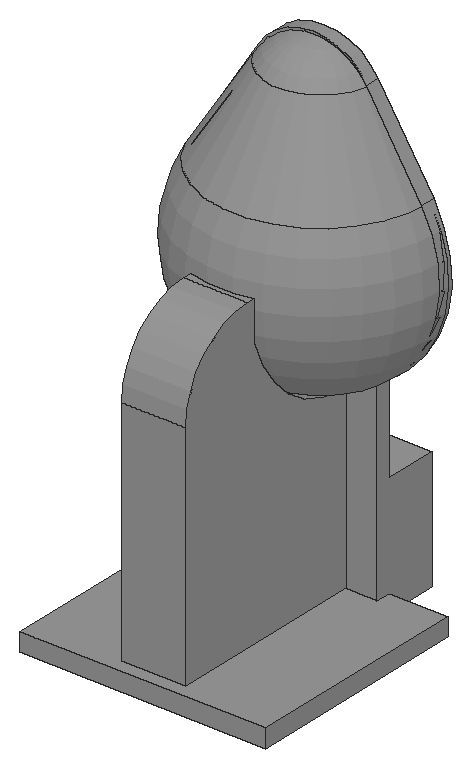
Revit family "Toilet-Willoughby-1490-ETWS-CM-BS", category Plumbing Fixtures, host Face, Revit 2014
Parameters (values of type "Standard")
  Waste DIA = 2 1/2"
  Waste Connection = yes
  W-RAD [instance] = Waste DIA / 2  # 0' - 1 1/4"
  Vent Connection = no
  URL = "www.willoughby-ind.com"
  Type Comments = "Siphon Jet Flush"
  Revision = "A"
  Model = "ETWS-1490-CM-BS"
  Manufacturer = "Willoughby Industries"
  HW Connection = no
  Flush inlet DIA = 1 1/2"
  Flush Inlet Connection = yes
  Fixture Body = Stainless Steel AISI 304-Willoughby
  F-RAD [instance] = Flush inlet DIA / 2  # 0' - 0 3/4"
  Description = "Carrier Mounted Toilet"
  Default Elevation = 0' - 0"
  Contact Number = "(800) 428-4065"
  CW Connection = no
Reference planes (in)
  plane 1 "Base": y = -16.25
  plane 2: z = 0
  plane 3 "Center": x = 18.31072
  plane 4 "Seat HGT": y = -1.25
  plane 5: y = -2.125
  plane 6 "Unit Base Off Floor": y = -13.75
  plane 7 "Flush  HGT": y = 0.5
  plane 8: x = 16.56072
  plane 9: x = 20.06072
  plane 10: x = 11.56072
  plane 11: x = 25.06072
  plane 12: z = 27.75
  plane 13: y = -10.75
Forms (in)
  Extrusion 1, solid, material "Stainless Steel AISI 304-Willoughby" <- "Fixture Body"
    sketch origin (16.08109, 7.47968, -5.1422) x (-1, 0, 0) y (0, 0, -1)
      loop
        line (1.29775, -16.80087) -> (1.29775, -6.1422) -> (-5.72963, -6.1422) -> (-5.72963, -16.81676)
        arc (-5.72963, -16.81676) -> (-8.98136, -21.11843) -> (-8.21015, -26.45542) r 7
        line (-8.21015, -26.45542) -> (-5.16818, -31.31054)
        arc (-5.16818, -31.31054) -> (-2.20225, -32.95225) -> (0.76368, -31.31054) r 3.5
        line (0.76368, -31.31054) -> (3.80565, -26.45542)
        arc (3.80565, -26.45542) -> (4.5729, -21.10311) -> (1.29775, -16.80087) r 7
      loop
        arc (2.03989, -24.70557) -> (-2.20225, -18.23804) -> (-6.44438, -24.70557) r 4.625
        line (-6.44438, -24.70557) -> (-4.04125, -30.23842)
        arc (-4.04125, -30.23842) -> (-2.20225, -31.45225) -> (-0.36324, -30.23842) r 2
        line (-0.36324, -30.23842) -> (2.03989, -24.70557)
    from 8.72968 to 9.5
  Revolve 2, solid, material "Stainless Steel AISI 304-Willoughby" <- "Fixture Body"
    sketch origin (19.37246, -1.52032, -1.93826) x (-1, 0, 0) y (0, 0, -1)
      loop
        line (1.06174, -12.59906) -> (1.06174, -12.84906)
        arc (1.06174, -12.84906) -> (6.96784, -16.33096) -> (6.78077, -23.18447) r 6.75
        line (6.78077, -23.18447) -> (3.81535, -27.91457)
        arc (3.81535, -27.91457) -> (2.63527, -29.03194) -> (1.06174, -29.43826) r 3.25
        line (1.06174, -29.43826) -> (1.06174, -29.68826)
        arc (1.06174, -29.68826) -> (2.75672, -29.25045) -> (4.02767, -28.04656) r 3.5
        line (4.02767, -28.04656) -> (7.06964, -23.19143)
        arc (7.06964, -23.19143) -> (7.15052, -16.14555) -> (1.06174, -12.59906) r 7
      axis (1.06174, -12.59906) -> (1.06174, -29.68826)
    angle from 0 to -180
  Extrusion 3, solid, material "Stainless Steel AISI 304-Willoughby" <- "Fixture Body"
    sketch origin (19.53334, -3.02032, -2.9508) x (0, 1, 0) y (0, 0, 1)
      loop
        line (-5.27082, 3.9508) -> (1, 3.9508) -> (1, 13.76086)
        arc (1, 13.76086) -> (-2.93256, 15.26109) -> (-5.27082, 18.76086) r 6.92744
        line (-5.27082, 18.76086) -> (-5.27082, 3.9508)
    from 0.52738 to -2.97262
  Extrusion 4, solid, material "Stainless Steel AISI 304-Willoughby" <- "Fixture Body"
    sketch origin (17.03334, 24.83792, -2.30581) x (0, 1, 0) y (0, 0, 1)
      loop
        line (-33.12906, 3.30581) -> (-33.12906, 20.30581) -> (-33.56217, 20.30581)
        arc (-33.56217, 20.30581) -> (-36.58558, 19.05347) -> (-37.83792, 16.03006) r 4.27575
        line (-37.83792, 16.03006) -> (-37.83792, 3.30581) -> (-33.12906, 3.30581)
    from -0.47262 to 3.02738
  Extrusion 5, solid, material "Stainless Steel AISI 304-Willoughby" <- "Fixture Body"
    sketch origin (5.72435, 0.32141, 0) x (1, 0, 0) y (0, 1, 0)
      loop
        circle (12.58636, -11.07141) r 1.25
    from 5.5 to 0
  Extrusion 6, solid, material "Stainless Steel AISI 304-Willoughby" <- "Fixture Body"
    sketch origin (18.31072, 0, 0) x (0, 1, 0) y (0, 0, 1)
      loop
        line (-1.25, 0) -> (1.75, 0) -> (1.75, 6.6875) -> (-1.25, 6.6875) -> (-1.25, 0)
    from -3.52738 to 3.5
  Extrusion 7, solid, material "Stainless Steel AISI 304-Willoughby" <- "Fixture Body"
    sketch origin (0, 0, 0) x (1, 0, 0) y (0, 1, 0)
      loop
        circle (18.31072, 0.5) r 0.75
    from 0 to 1
  Extrusion 8, solid, material "Stainless Steel AISI 304-Willoughby" <- "Fixture Body"
    sketch origin (0, -16.25, 0) x (1, 0, 0) y (0, 0, 1)
      loop
        line (25.06072, 0) -> (25.06072, 1) -> (11.56072, 1) -> (11.56072, 0) -> (25.06072, 0)
    from -15 to -2.5
Cuts and joins
  joined: Extrusion 1, Extrusion 3, Extrusion 4, Extrusion 6, Extrusion 8
Lines and regions (in)
  symbolic lines
    curve 1: line (11.28334, -2.02032, 0) -> (11.28334, -1.25, 0)
    curve 2: line (11.28334, -1.25, 0) -> (25.28334, -1.25, 0)
    curve 3: line (25.28334, -1.25, 0) -> (25.28334, -2.02032, 0)
    curve 4: arc (25.28334, -2.02032, 0) -> (23.08103, -6.64828, 0) -> (18.31072, -8.52239, 0) r 6.97619
    curve 5: arc (18.31072, -8.52239, 0) -> (13.5271, -6.64388, 0) -> (11.28334, -2.02032, 0) r 7.06235
    curve 6: line (14.78334, -1.25, 0) -> (14.78334, 1.75, 0)
    curve 7: line (14.78334, 1.75, 0) -> (21.81072, 1.75, 0)
    curve 8: line (21.81072, 1.75, 0) -> (21.81072, -1.25, 0)
    curve 9: line (25.06072, -3.35566, 0) -> (25.06072, -13.75, 0)
    curve 10: line (25.06072, -13.75, 0) -> (11.56072, -13.75, 0)
    curve 11: line (11.56072, -13.75, 0) -> (11.56072, -3.49538, 0)
    curve 12: line (20.06072, -8.30258, 0) -> (20.06072, -13, 0)
    curve 13: line (20.06072, -13, 0) -> (16.56072, -13, 0)
    curve 14: line (16.56072, -13, 0) -> (16.56072, -8.29889, 0)
    curve 15: line (14.78334, -16.25, 11.65867) -> (14.78334, -16.25, 0)
    curve 16: line (14.78334, -16.25, 1) -> (11.56072, -16.25, 1)
    curve 17: line (11.56072, -16.25, 1) -> (11.56072, -16.25, 0)
    curve 19: line (25.06072, -16.25, 0) -> (25.06072, -16.25, 1)
    curve 20: line (25.06072, -16.25, 1) -> (21.81072, -16.25, 1)
    curve 21: line (21.81072, -16.25, 0) -> (21.81072, -16.25, 11.67456)
    curve 22: arc (21.81072, -16.25, 11.67456) -> (25.0846, -16.25, 15.97054) -> (24.29124, -16.25, 21.31322) r 6.94651
    curve 23: line (24.29124, -16.25, 21.31322) -> (21.24927, -16.25, 26.16835)
    curve 24: arc (21.24927, -16.25, 26.16835) -> (19.98923, -16.25, 27.34792) -> (18.31072, -16.25, 27.75) r 3.37397
    curve 25: arc (18.31072, -16.25, 27.75) -> (16.62783, -16.25, 27.31163) -> (15.31741, -16.25, 26.16835) r 3.79331
    curve 26: line (15.31741, -16.25, 26.16835) -> (12.35249, -16.25, 21.43905)
    curve 27: arc (12.35249, -16.25, 21.43905) -> (11.49002, -16.25, 16.03241) -> (14.78334, -16.25, 11.65867) r 7
    curve 33: line (18.31072, -8.29114, 18) -> (18.31072, -8.72425, 18)
    curve 34: arc (18.31072, -8.72425, 18) -> (18.31072, -11.74766, 16.74766) -> (18.31072, -13, 13.72425) r 4.27575
    curve 35: line (18.31072, -13, 13.72425) -> (18.31072, -13, 1)
    curve 36: line (18.31072, -13, 1) -> (18.31072, -13.75, 1)
    curve 37: line (18.31072, -13.75, 1) -> (18.31072, -13.75, 0)
    curve 38: line (18.31072, -13.75, 0) -> (18.31072, 1.75, 0)
    curve 39: line (18.31072, 1.75, 0) -> (18.31072, 1.75, 6.6875)
    curve 40: line (18.31072, 1.75, 6.6875) -> (18.31072, -1.25, 6.6875)
    curve 41: line (18.31072, -1.25, 6.6875) -> (18.31072, -1.25, 27.81005)
    curve 42: line (18.31072, -1.25, 27.81005) -> (18.31072, -2.02032, 27.81005)
    curve 43: arc (18.31072, -2.02032, 27.81005) -> (18.31072, -3.31067, 27.27241) -> (18.31072, -4.32667, 26.31229) r 3.87918
    curve 44: line (18.31072, -4.32667, 26.31229) -> (18.31072, -7.52822, 21.25317)
    curve 45: arc (18.31072, -7.52822, 21.25317) -> (18.31072, -8.24035, 19.69354) -> (18.31072, -8.50769, 18) r 6.3284
    curve 46: line (18.31072, -8.29114, 18) -> (18.31072, -8.29114, 15.81005)
    curve 47: arc (18.31072, -8.29114, 15.81005) -> (18.31072, -5.95289, 12.31029) -> (18.31072, -2.02032, 10.81005) r 6.92744
    curve 48: line (18.31072, -1.25, 11.65867) -> (18.31072, -1.97294, 11.65867)
    curve 49: line (18.31072, -1.97294, 11.65867) -> (18.31072, -1.97294, 1.03179)
    curve 50: line (18.31072, -1.25, 0) -> (18.31072, -1.25, 1)
    curve 51: line (18.31072, -1.25, 1) -> (18.31072, -13, 1)
  symbolic lines, detail levels medium+fine
    curve 18: line (14.78334, -16.25, 6.6875) -> (21.81072, -16.25, 6.6875)
  symbolic lines, detail levels fine
    curve 28: arc (14.0412, -16.25, 19.56337) -> (18.28334, -16.25, 13.09585) -> (22.52547, -16.25, 19.56337) r 4.625
    curve 29: line (22.52547, -16.25, 19.56337) -> (20.06869, -16.25, 25.31026)
    curve 30: arc (20.06869, -16.25, 25.31026) -> (19.34621, -16.25, 26.11409) -> (18.28334, -16.25, 26.31005) r 1.67667
    curve 31: arc (18.28334, -16.25, 26.31005) -> (17.22889, -16.25, 25.90758) -> (16.44433, -16.25, 25.09622) r 2.60004
    curve 32: line (16.44433, -16.25, 25.09622) -> (14.0412, -16.25, 19.56337)
Dimensions and locks (in)
  plane 1 "Base" to plane 4 "Seat HGT" = 1' - 3"
  plane 11 to plane 10 = 1' - 1 1/2"
  plane 1 "Base" to plane 13 = 0' - 5 1/2"
  plane 1 "Base" to plane 7 "Flush  HGT" = 1' - 4 3/4"
  plane 1 "Base" to cut or joined group of Extrusion 1, Extrusion 3, Extrusion 4, Extrusion 6, Extrusion 8 = 1' - 6"
  cut or joined group of Extrusion 1, Extrusion 3, Extrusion 4, Extrusion 6, Extrusion 8 to plane 1 "Base" = 1' - 6"
  plane 10 to plane 11 = 1' - 1 1/2"
  plane 13 to plane 1 "Base" = 0' - 5 1/2"
  locked: plane 1 "Base" to plane 13 at 5.5
  plane 1 "Base" to plane 6 "Unit Base Off Floor" = 0' - 2 1/2"
  plane 10 to plane 3 "Center" = 0' - 6 3/4"
  "W-RAD": radius of Extrusion 5 sketch curve
  "F-RAD": radius of Extrusion 7 sketch curve
  aligned and locked: plane 2 to host face
  aligned and locked: level to host face
  aligned and locked: plane 7 "Flush  HGT" to Extrusion 7 sketch curve
  aligned and locked: plane 3 "Center" to Extrusion 7 sketch curve
  aligned and locked: plane 13 to Extrusion 5 sketch curve
  aligned and locked: plane 3 "Center" to Extrusion 5 sketch curve
  aligned and locked: cut or joined group of Extrusion 1, Extrusion 3, Extrusion 4, Extrusion 6, Extrusion 8 to level
  aligned and locked: plane 6 "Unit Base Off Floor" to cut or joined group of Extrusion 1, Extrusion 3, Extrusion 4, Extrusion 6, Extrusion 8
  aligned and locked: cut or joined group of Extrusion 1, Extrusion 3, Extrusion 4, Extrusion 6, Extrusion 8 to cut or joined group of Extrusion 1, Extrusion 3, Extrusion 4, Extrusion 6, Extrusion 8  (x5)
  aligned and locked: plane 2 to cut or joined group of Extrusion 1, Extrusion 3, Extrusion 4, Extrusion 6, Extrusion 8
  aligned and locked: cut or joined group of Extrusion 1, Extrusion 3, Extrusion 4, Extrusion 6, Extrusion 8 to plane 10
Automatic sketch dimensions
  host sketch curve to host sketch curve = 3' - 9.50765"
  host sketch curve to host sketch curve = 3' - 3.61225"
  Extrusion 1 sketch curve to Extrusion 1 sketch curve = 0' - 0"  (x8)
  level to Extrusion 1 sketch curve = 0' - 1"
  plane 3 "Center" to Extrusion 1 sketch curve = 0' - 5.98052"
  Extrusion 1 sketch curve to Extrusion 1 sketch curve = 0' - 1.76576"  (x2)
  plane 3 "Center" to Extrusion 1 sketch curve = 0' - 3 1/2"
  plane 3 "Center" to Extrusion 1 sketch curve = 0' - 2.93855"
  Extrusion 1 sketch curve to Extrusion 1 sketch curve = 0' - 1.12693"  (x2)
  Extrusion 1 sketch curve to plane 3 "Center" = 0' - 0.02738"  (x2)
  Extrusion 1 sketch curve to plane 3 "Center" = 0' - 1.86639"
  Extrusion 1 sketch curve to plane 3 "Center" = 0' - 3.52738"
  Extrusion 1 sketch curve to plane 3 "Center" = 0' - 4 69/256"
  Extrusion 1 sketch curve to Extrusion 1 sketch curve = 0' - 10.65867"
  Extrusion 1 sketch curve to Extrusion 1 sketch curve = 0' - 0.01589"
  Extrusion 1 sketch curve to Extrusion 1 sketch curve = 0' - 6.06218"
  Extrusion 1 sketch curve to Extrusion 1 sketch curve = 0' - 1.74985"
  Extrusion 1 sketch curve to Extrusion 1 sketch curve = 0' - 4.74668"
  Extrusion 1 sketch curve to Extrusion 1 sketch curve = 0' - 0.78617"
  Extrusion 1 sketch curve to Extrusion 1 sketch curve = 0' - 1.07212"
  Revolve 2 sketch curve to Revolve 2 sketch curve = 0' - 0"  (x2)
  Revolve 2 sketch curve to plane 3 "Center" = 0' - 0"  (x3)
  plane 3 "Center" to Revolve 2 sketch curve = 0' - 0"
  Revolve 2 sketch curve to plane 3 "Center" = 0' - 2.75361"
  Revolve 2 sketch curve to Revolve 2 sketch curve = 0' - 0.21232"
  Revolve 2 sketch curve to Revolve 2 sketch curve = 0' - 2.96542"
  Revolve 2 sketch curve to Revolve 2 sketch curve = 0' - 0.28887"
  level to Revolve 2 sketch curve = 2' - 3 3/4"
  Revolve 2 sketch curve to Revolve 2 sketch curve = 0' - 0 1/4"
  Revolve 2 sketch curve to Revolve 2 sketch curve = 0' - 1.3917"
  Revolve 2 sketch curve to Revolve 2 sketch curve = 0' - 0.13199"
  Revolve 2 sketch curve to Revolve 2 sketch curve = 0' - 4.85513"
  Revolve 2 sketch curve to Revolve 2 sketch curve = 0' - 0.00696"
  Revolve 2 sketch curve to Revolve 2 sketch curve = 0' - 3 1/4"
  Revolve 2 sketch curve to Revolve 2 sketch curve = 0' - 3.3392"
  Revolve 2 sketch curve to Revolve 2 sketch curve = 0' - 2.4108"
  level to Extrusion 3 sketch curve = 0' - 1"
  plane 5 to Extrusion 3 sketch curve = 0' - 0.10468"
  plane 4 "Seat HGT" to Extrusion 3 sketch curve = 0' - 0.38413"
  Extrusion 3 sketch curve to Extrusion 3 sketch curve = 0' - 9.81005"
  Extrusion 3 sketch curve to Extrusion 3 sketch curve = 0' - 5"
  Extrusion 4 sketch curve to plane 6 "Unit Base Off Floor" = 0' - 0 3/4"
  level to Extrusion 4 sketch curve = 0' - 1"
  Extrusion 4 sketch curve to plane 6 "Unit Base Off Floor" = 0' - 5.02575"
  Extrusion 4 sketch curve to Extrusion 4 sketch curve = 0' - 0.43311"
  Extrusion 4 sketch curve to Extrusion 4 sketch curve = 1' - 0.72425"
  Extrusion 6 sketch curve to level = 0' - 0"
  Extrusion 6 sketch curve to plane 4 "Seat HGT" = 0' - 0"
  Extrusion 6 sketch curve to plane 7 "Flush  HGT" = 0' - 1 1/4"
  level to Extrusion 6 sketch curve = 0' - 6 11/16"
  Extrusion 8 sketch curve to plane 10 = 0' - 0"
  Extrusion 8 sketch curve to plane 11 = 0' - 0"
  Extrusion 8 sketch curve to level = 0' - 0"
  level to Extrusion 8 sketch curve = 0' - 1"
  Extrusion 3 sketch curve to Extrusion 3 sketch curve = 0' - 6.27082"
  plane 4 "Seat HGT" to curve 1 = 0' - 0"
  plane 6 "Unit Base Off Floor" to curve 10 = 0' - 0"
  curve 10 to plane 10 = 0' - 0"
  curve 14 to plane 8 = 0' - 0"
  curve 4 to plane 3 "Center" = 0' - 0"
  curve 5 to plane 3 "Center" = 0' - 0"
  curve 12 to plane 9 = 0' - 0"
  curve 10 to plane 11 = 0' - 0"
  plane 5 to curve 1 = 0' - 0.10468"
  curve 6 to plane 8 = 0' - 1.77738"
  plane 3 "Center" to curve 4 = 0' - 0.01255"
  plane 3 "Center" to curve 5 = 0' - 0.01271"
  plane 9 to curve 7 = 0' - 1 3/4"
  curve 9 to curve 3 = 0' - 0.22262"
  curve 13 to plane 6 "Unit Base Off Floor" = 0' - 0 3/4"
  plane 5 to curve 3 = 0' - 0.10468"
  curve 7 to plane 7 "Flush  HGT" = 0' - 1 1/4"
  curve 5 to curve 14 = 0' - 0.2235"
  curve 27 to curve 28 = 0' - 0"  (x2)
  curve 17 to plane 10 = 0' - 0"
  curve 15 to level = 0' - 0"
  curve 24 to plane 3 "Center" = 0' - 0"
  curve 25 to plane 3 "Center" = 0' - 0"
  curve 21 to level = 0' - 0"
  curve 20 to plane 11 = 0' - 0"
  curve 17 to level = 0' - 0"
  curve 19 to level = 0' - 0"
  curve 25 to plane 12 = 0' - 0"
  plane 10 to curve 26 = 0' - 0.79177"
  curve 15 to plane 8 = 0' - 1.77738"
  curve 26 to plane 8 = 0' - 1.24331"
  curve 28 to plane 3 "Center" = 0' - 0.02738"
  plane 3 "Center" to curve 22 = 0' - 0.04657"
  plane 3 "Center" to curve 24 = 0' - 0.07942"
  plane 3 "Center" to curve 25 = 0' - 0.08929"
  plane 3 "Center" to curve 30 = 0' - 0.21627"
  curve 25 to curve 31 = 0' - 0.26116"
  plane 9 to curve 29 = 0' - 0.00797"
  plane 9 to curve 23 = 0' - 1.18855"
  plane 9 to curve 21 = 0' - 1 3/4"
  plane 9 to curve 29 = 0' - 2.46475"
  curve 23 to plane 11 = 0' - 0.76948"
  level to curve 20 = 0' - 1"
  level to curve 17 = 0' - 1"
  curve 16 to curve 15 = 0' - 10.65867"
  curve 27 to curve 21 = 0' - 0.01589"
  curve 21 to curve 22 = 0' - 6.02725"
  curve 22 to curve 28 = 0' - 0.01903"
  curve 29 to curve 22 = 0' - 1.74985"
  plane 12 to curve 31 = 0' - 4.01238"
  curve 31 to curve 25 = 0' - 0.22012"
  curve 24 to curve 30 = 0' - 0.27422"
  curve 29 to curve 24 = 0' - 0.85809"
  plane 10 to curve 28 = 0' - 2 123/256"
  curve 31 to plane 8 = 0' - 0.11639"
  curve 31 to curve 30 = 0' - 0"
  curve 18 to curve 15 = 0' - 4.97117"
  curve 38 to level = 0' - 0"
  curve 38 to plane 6 "Unit Base Off Floor" = 0' - 0"
  curve 41 to plane 4 "Seat HGT" = 0' - 0"
  curve 51 to plane 4 "Seat HGT" = 0' - 0"
  curve 35 to plane 6 "Unit Base Off Floor" = 0' - 0 3/4"
  curve 34 to plane 13 = 0' - 2.02575"
  curve 34 to curve 46 = 0' - 0.43311"
  curve 44 to plane 13 = 0' - 3.22178"
  curve 44 to plane 5 = 0' - 2.20167"
  curve 45 to plane 5 = 0' - 0.05565"
  curve 42 to plane 12 = 0' - 0.06005"
  plane 5 to curve 42 = 0' - 0.10468"
  plane 5 to curve 49 = 0' - 0.15206"
  plane 4 "Seat HGT" to curve 47 = 0' - 0.38413"
  curve 43 to plane 4 "Seat HGT" = 0' - 0.05208"
  curve 39 to plane 7 "Flush  HGT" = 0' - 1 1/4"
  level to curve 35 = 0' - 1"
  level to curve 41 = 0' - 6 11/16"
  curve 40 to curve 49 = 0' - 4.97117"
  curve 48 to curve 35 = 0' - 2.06558"
  curve 34 to curve 46 = 0' - 2.0858"
  curve 48 to curve 47 = 0' - 6.06805"
  curve 47 to curve 45 = 0' - 0.14236"
  curve 33 to curve 44 = 0' - 3.25317"
  plane 12 to curve 43 = 0' - 3.73095"
  plane 5 to curve 47 = 0' - 0.10468"
  curve 50 to curve 49 = 0' - 0.03179"
Connectors (in)
  piping at (18.31072, -10.75, 0), diameter 2.5, driven by "W-RAD", driven by "Waste Connection"
    settings: on Extrusion 5, index 1, connector inside diameter 2 1/2", connector length 0' - 0", flow factor 0, pipe flow 0 GPM, pressure drop 0.00 psi, fitting loss kfactor 0, connector angle 0.00°, fixture units 0, engagement length 0' - 0", angle of deflection 0.00°, flow configuration 0, flow direction 2, fitting loss method 0, system type 16, joint type 0, gender type 0, connector reference index -1, connector utility 1, adjustable connector yes, is connector primary yes, connector description "Toilet Waste"
  piping at (18.31072, 0.5, 1), diameter 1.5, driven by "F-RAD", driven by "Flush Inlet Connection"
    settings: on Extrusion 7, index 2, connector inside diameter 1 1/2", connector length 0' - 0", flow factor 0, pipe flow 0 GPM, pressure drop 0.00 psi, fitting loss kfactor 0, connector angle 0.00°, fixture units 0, engagement length 0' - 0", angle of deflection 0.00°, flow configuration 0, flow direction 1, fitting loss method 0, system type 20, joint type 0, gender type 0, connector reference index -1, connector utility 1, adjustable connector no, is connector primary no, connector description "Flush Inlet"
